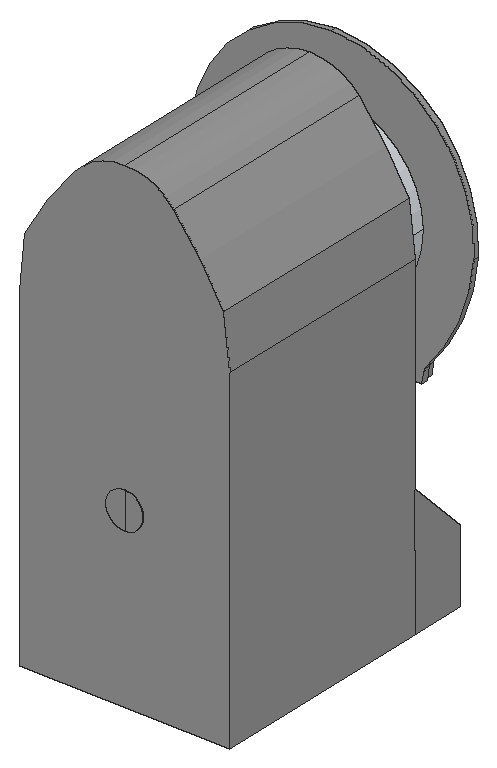
Revit family "Bariatric_Toilet-Willoughby-BETF-1490-FM-FA-12-BS", category Plumbing Fixtures, Revit 2015
Parameters (values of type "Standard")
  Waste DIA = 2 1/2"
  Waste Connection = yes
  Vent Connection = no
  URL = "https://www.willoughby-ind.com/wp-content/uploads/2018/01/BETF-1490-FM-FA-12.pdf"
  Type Comments = ""
  Revision = "A"
  Model = "BETF-1490-FM-FA-12-BS"
  Manufacturer = "Willoughby Industries"
  HW Connection = no
  Flush Inlet DIA = 1 1/2"
  Flush Inlet Connection = yes
  Fixture Body = Stainless Steel AISI 304-Willoughby
  Description = "Bariatric Toilet"
  Default Elevation = 0' - 0"
  Contact = "(800) 428-4065"
  CW Connection = no
Reference planes (in)
  plane 1 "Center (Front/Back)Floor": y = 0
  plane 2: z = 0
  plane 3 "Center (Left/Right)": x = 0
  plane 4 "Toilet Base HGT": y = 15.75
  plane 5 "Top Of Unit": y = 19.625
  plane 6: x = 7.125
  plane 7: x = -7.125
  plane 8: z = 22.875
  plane 9: z = 33
  plane 10: z = 33.5
  plane 11: z = 26.7496
  plane 12: z = 31.3746
  plane 13: x = 2
  plane 14: x = -2
  plane 15: z = 9
  plane 16: z = 5
  plane 17: z = 23.5
  plane 18: z = 29.6875
  plane 19: z = 15.125
  plane 20: x = 9.625
  plane 21: x = -9.625
  plane 22 "Waste HGT": y = 12.25
  plane 23: y = 16.5
  plane 24 "Floor waste": z = 12
Forms (in)
  Extrusion 1, solid, material "Stainless Steel AISI 304-Willoughby" <- "Fixture Body"
    sketch origin (0, 0, 1.9996) x (1, 0, 0) y (0, 0, 1)
      loop
        line (7.125, -1.9996) -> (7.125, 20.875)
        arc (7.125, 20.875) -> (7.03428, 22.67805) -> (6.76304, 24.46289) r 17.96324
        arc (6.76304, 24.46289) -> (5.19007, 27.08) -> (3.33041, 29.50181) r 26.87644
        arc (3.33041, 29.50181) -> (1.83129, 30.62012) -> (0, 31) r 4.32008
        arc (0, 31) -> (-1.83129, 30.62012) -> (-3.33041, 29.50181) r 4.32008
        arc (-3.33041, 29.50181) -> (-5.19007, 27.08) -> (-6.76304, 24.46289) r 26.87644
        arc (-6.76304, 24.46289) -> (-7.03428, 22.67805) -> (-7.125, 20.875) r 17.96324
        line (-7.125, 20.875) -> (-7.125, -1.9996) -> (7.125, -1.9996)
    from 0 to -15.75
  Extrusion 2, solid, material "Stainless Steel AISI 304-Willoughby" <- "Fixture Body"
    sketch origin (0, 0, 0) x (0, 1, 0) y (0, 0, 1)
      loop
        line (15.75, 8.875) -> (15.75, 0) -> (19.625, 0) -> (19.625, 5) -> (15.75, 8.875)
    from -7.125 to 7.125
  Extrusion 3, solid
    sketch origin (0, 15.75, 2) x (-1, 0, 0) y (0, 0, 1)
      loop
        circle (0, 21.5) r 6.1875
    from 0 to 1.875
  Extrusion 4, solid, material "Stainless Steel AISI 304-Willoughby" <- "Fixture Body"
    sketch origin (0, 15.75, 2) x (-1, 0, 0) y (0, 0, 1)
      loop
        line (-4.75, 12.125) -> (-4.75, 12.625) -> (4.75, 12.625) -> (4.75, 12.125) -> (6.125, 12.125) -> (6.30133, 13.125)
        arc (6.30133, 13.125) -> (8.61843, 16.71898) -> (9.625, 20.875) r 12.82342
        arc (9.625, 20.875) -> (7.07791, 28.23969) -> (0, 31.5) r 9.93325
        arc (0, 31.5) -> (-7.07791, 28.23969) -> (-9.625, 20.875) r 9.93325
        arc (-9.625, 20.875) -> (-8.61843, 16.71898) -> (-6.30133, 13.125) r 12.82342
        line (-6.30133, 13.125) -> (-6.125, 12.125) -> (-4.75, 12.125)
    from 1.875 to 2.25
  Blend 5, solid, material "Stainless Steel AISI 304-Willoughby" <- "Fixture Body"
    base sketch origin (0, 15.75, 1.99891) x (-1, 0, 0) y (0, 0, 1)
      loop
        line (-4.60785, 12.15929) -> (-4.60785, 12.40929) -> (4.64215, 12.40929) -> (4.64215, 12.15929) -> (5.98395, 12.15929) -> (6.22068, 14.59691)
        arc (6.22068, 14.59691) -> (8.11105, 18.09183) -> (8.6336, 22.03074) r 10.97859
        arc (8.6336, 22.03074) -> (5.98369, 28.04088) -> (0, 30.75) r 9.19603
        arc (0, 30.75) -> (-5.98369, 28.04088) -> (-8.6336, 22.03074) r 9.19603
        arc (-8.6336, 22.03074) -> (-8.11105, 18.09183) -> (-6.22068, 14.59691) r 10.97859
        line (-6.22068, 14.59691) -> (-5.98395, 12.15929) -> (-4.60785, 12.15929)
    top sketch origin (0, 15.75, 1.99891) x (-1, 0, 0) y (0, 0, 1)
      loop
        arc (6.22944, 13.99176) -> (8.35674, 17.14799) -> (9.12911, 20.875) r 9.85348
        arc (9.12911, 20.875) -> (6.86364, 28.01045) -> (0, 31) r 9.05259
        arc (0, 31) -> (-6.86364, 28.01045) -> (-9.12911, 20.875) r 9.05259
        arc (-9.12911, 20.875) -> (-8.34629, 17.12327) -> (-6.19132, 13.954) r 9.85348
        line (-6.19132, 13.954) -> (-6.01467, 12.135) -> (-4.5826, 12.135) -> (-4.5826, 12.385) -> (4.63006, 12.385) -> (4.63006, 12.125) -> (5.99156, 12.125) -> (6.22944, 13.99176)
    from 2.875 to 2.25
  Revolve 6, solid, material "Stainless Steel AISI 304-Willoughby" <- "Fixture Body"
    sketch origin (0, 0, 0) x (0, 1, 0) y (0, 0, 1)
      loop
        line (16.5, 0) -> (16.5, 2.25) -> (15.75, 2.25) -> (15.75, 0) -> (16.5, 0)
      axis (16.5, 2.25) -> (16.5, 0)
    angle from 0 to 360
  Revolve 7, solid, material "Stainless Steel AISI 304-Willoughby" <- "Fixture Body"
    sketch origin (0, 0, 2) x (0, 1, 0) y (0, 0, 1)
      loop
        line (0, 10) -> (2.25, 10) -> (2.25, 11.25) -> (0, 11.25) -> (0, 10)
      axis (0, 10) -> (2.25, 10)
    angle from 0 to 360
Lines and regions (in)
  symbolic lines
    curve 1: line (0, 15.75, 8.875) -> (0, 15.75, 33)
    curve 2: line (0, 15.75, 33) -> (0, 0, 33)
    curve 3: line (0, 0, 33) -> (0, 0, 0)
    curve 4: line (0, 0, 0) -> (0, 15.75, 0)
    curve 11: line (0, 18, 14.125) -> (0, 17.625, 14.125)
    curve 16: line (0, 15.75, 8.875) -> (0, 19.625, 5)
    curve 17: line (0, 19.625, 5) -> (0, 19.625, 0)
    curve 18: line (0, 19.625, 0) -> (0, 15.75, 0)
    curve 19: line (7.125, 19.625, -0.25) -> (7.125, 19.625, 16.12365)
    curve 20: arc (7.125, 19.625, 16.12365) -> (8.85852, 19.625, 19.32028) -> (9.625, 19.625, 22.875) r 12.82342
    curve 21: arc (9.625, 19.625, 22.875) -> (9.10381, 19.625, 26.81755) -> (7.07791, 19.625, 30.23969) r 9.93325
    curve 22: arc (7.07791, 19.625, 30.23969) -> (3.87202, 19.625, 32.5929) -> (0, 19.625, 33.5) r 9.93325
    curve 23: arc (0, 19.625, 33.5) -> (-3.87202, 19.625, 32.5929) -> (-7.07791, 19.625, 30.23969) r 9.93325
    curve 24: arc (-7.07791, 19.625, 30.23969) -> (-9.10381, 19.625, 26.81755) -> (-9.625, 19.625, 22.875) r 9.93325
    curve 25: arc (-9.625, 19.625, 22.875) -> (-8.85852, 19.625, 19.32028) -> (-7.125, 19.625, 16.12365) r 12.82342
    curve 26: line (-7.125, 19.625, 16.12365) -> (-7.125, 19.625, 0)
    curve 27: line (-7.125, 19.625, 0) -> (7.125, 19.625, 0)
    curve 51: line (7.125, 19.625, 0) -> (-7.125, 19.625, 0)
    curve 52: line (-7.125, 19.625, 0) -> (-7.125, 0, 0)
    curve 53: line (-7.125, 0, 0) -> (7.125, 0, 0)
    curve 54: line (7.125, 0, 0) -> (7.125, 19.625, 0)
    curve 55: line (-6.76304, 15.75, 0) -> (-6.76304, 0, 0)
    curve 56: line (-7.125, 15.75, 0) -> (7.125, 15.75, 0)
    curve 57: line (6.1875, 17.625, 0) -> (6.1875, 15.75, 0)
    curve 58: line (-6.17726, 15.75, 0) -> (-6.17726, 17.625, 0)
    curve 59: line (-6.17726, 17.625, 0) -> (6.1875, 17.625, 0)
    curve 69: line (6.76304, 15.75, 0) -> (6.76304, 0, 0)
  symbolic lines, detail levels medium+fine
    curve 5: line (0, 15.75, 17.375) -> (0, 17.625, 17.375)
    curve 6: line (0, 17.625, 17.375) -> (0, 17.625, 29.6875)
    curve 7: line (0, 17.625, 29.6875) -> (0, 15.75, 29.6875)
    curve 8: line (0, 17.625, 29.6875) -> (0, 17.625, 33.5)
    curve 9: line (0, 17.625, 33.5) -> (0, 18, 33.5)
    curve 10: line (0, 18, 33.5) -> (0, 18, 14.125)
    curve 12: line (0, 17.625, 14.125) -> (0, 17.625, 17.375)
    curve 13: line (0, 18, 14.125) -> (0, 18.625, 14.15929)
    curve 14: line (0, 18.625, 14.15929) -> (0, 18.625, 32.75)
    curve 15: line (0, 18.625, 32.75) -> (0, 18, 33)
    curve 28: line (-7.125, 19.625, 5) -> (7.125, 19.625, 5)
    curve 29: line (-7.125, 19.625, 8.875) -> (7.125, 19.625, 8.875)
    curve 30: line (-7.125, 19.625, 16.12365) -> (-6.30133, 19.625, 15.125)
    curve 31: line (-6.30133, 19.625, 15.125) -> (-6.125, 19.625, 14.125)
    curve 32: line (-6.125, 19.625, 14.125) -> (-4.75, 19.625, 14.125)
    curve 33: line (-4.75, 19.625, 14.125) -> (-4.75, 19.625, 14.625)
    curve 34: line (-4.75, 19.625, 14.625) -> (4.75, 19.625, 14.625)
    curve 35: line (4.75, 19.625, 14.625) -> (4.75, 19.625, 14.125)
    curve 36: line (4.75, 19.625, 14.125) -> (6.125, 19.625, 14.125)
    curve 37: line (6.125, 19.625, 14.125) -> (6.30133, 19.625, 15.125)
    curve 38: arc (6.30133, 19.625, 15.125) -> (6.72577, 19.625, 15.61393) -> (7.125, 19.625, 16.12365) r 12.82342
    curve 50: line (0, 17.625, 14.125) -> (0, 18, 14.125)
    curve 60: line (-6.17726, 17.625, 0) -> (-9.6494, 17.625, 0)
    curve 61: line (-9.6494, 17.625, 0) -> (-9.6494, 18, 0)
    curve 62: line (-9.6494, 18, 0) -> (-9.12911, 18, 0)
    curve 63: line (-9.12911, 18, 0) -> (-8.6336, 18.625, 0)
    curve 64: line (-8.6336, 18.625, 0) -> (8.64736, 18.625, 0)
    curve 65: line (8.64736, 18.625, 0) -> (9.14287, 18, 0)
    curve 66: line (9.14287, 18, 0) -> (9.6494, 18, 0)
    curve 67: line (9.6494, 18, 0) -> (9.6494, 17.625, 0)
    curve 68: line (6.1875, 17.625, 0) -> (9.6494, 17.625, 0)
  symbolic lines, detail levels fine
    curve 39: line (-6.22068, 19.625, 16.59691) -> (-5.98395, 19.625, 14.15929)
    curve 40: line (-5.98395, 19.625, 14.15929) -> (-4.64215, 19.625, 14.15929)
    curve 41: line (-4.64215, 19.625, 14.15929) -> (-4.64215, 19.625, 14.385)
    curve 42: line (-4.64215, 19.625, 14.385) -> (4.60785, 19.625, 14.385)
    curve 43: line (4.60785, 19.625, 14.385) -> (4.60785, 19.625, 14.15929)
    curve 44: line (4.60785, 19.625, 14.15929) -> (5.98395, 19.625, 14.15929)
    curve 45: line (5.98395, 19.625, 14.15929) -> (6.22068, 19.625, 16.59691)
    curve 46: arc (6.22068, 19.625, 16.59691) -> (7.91817, 19.625, 19.54689) -> (8.63061, 19.625, 22.875) r 10.97859
    curve 47: arc (8.63061, 19.625, 22.875) -> (6.37958, 19.625, 29.61664) -> (0, 19.625, 32.75) r 9.21317
    curve 48: arc (0, 19.625, 32.75) -> (-6.36999, 19.625, 29.60827) -> (-8.63061, 19.625, 22.875) r 9.24339
    curve 49: arc (-8.63061, 19.625, 22.875) -> (-7.89379, 19.625, 19.55625) -> (-6.22068, 19.625, 16.59691) r 11.52349
Dimensions and locks (in)
  plane 9 to level = 2' - 9"
  plane 1 "Center (Front/Back)Floor" to plane 4 "Toilet Base HGT" = 1' - 3 3/4"
  plane 7 to plane 6 = 1' - 2 1/4"
  plane 10 to level = 2' - 9 1/2"
  plane 4 "Toilet Base HGT" to plane 1 "Center (Front/Back)Floor" = 1' - 3 3/4"
  plane 5 "Top Of Unit" to plane 1 "Center (Front/Back)Floor" = 1' - 7 5/8"
  plane 15 to level = 0' - 9"
  plane 23 to plane 1 "Center (Front/Back)Floor" = 1' - 4 1/2"
  plane 16 to level = 0' - 5"
  locked: plane 24 "Floor waste" to level at 12
  level to plane 24 "Floor waste" = 1' - 0"
  aligned and locked: Extrusion 1 to plane 7
  aligned and locked: Extrusion 2 to plane 4 "Toilet Base HGT"
  aligned and locked: plane 5 "Top Of Unit" to Extrusion 2
  aligned and locked: Extrusion 2 to level
  aligned and locked: plane 6 to Extrusion 2
  aligned and locked: Extrusion 2 to plane 7
  aligned and locked: curve 56 to curve 69
  aligned and locked: curve 69 to Extrusion 1
  aligned and locked: Revolve 6 sketch curve to Revolve 6 sketch curve  (x2)
  aligned and locked: Revolve 7 sketch curve to Revolve 7 sketch curve  (x2)
Connectors (in)
  piping at (0, 16.5, 0), diameter 1.5, driven by "Flush Inlet DIA", driven by "Flush Inlet Connection"
    settings: on Revolve 6, index 2, connector inside diameter 24", connector length 0' - 0", flow factor 0, pipe flow 0 GPM, pressure drop 0.00 psi, fitting loss kfactor 0, connector angle 0.00°, fixture units 0, engagement length 0' - 0", angle of deflection 0.00°, flow configuration 0, flow direction 0, fitting loss method 0, system type 7, joint type 0, gender type 0, connector reference index -1, connector utility 1, adjustable connector no, is connector primary yes, connector description ""
  piping at (0, 0, 12), diameter 2.5, driven by "Waste DIA", driven by "Waste Connection"
    settings: on Revolve 7, index 3, connector inside diameter 24", connector length 0' - 0", flow factor 0, pipe flow 0 GPM, pressure drop 0.00 psi, fitting loss kfactor 0, connector angle 0.00°, fixture units 0, engagement length 0' - 0", angle of deflection 0.00°, flow configuration 0, flow direction 0, fitting loss method 0, system type 7, joint type 0, gender type 0, connector reference index -1, connector utility 1, adjustable connector no, is connector primary no, connector description "Toilet Waste"
